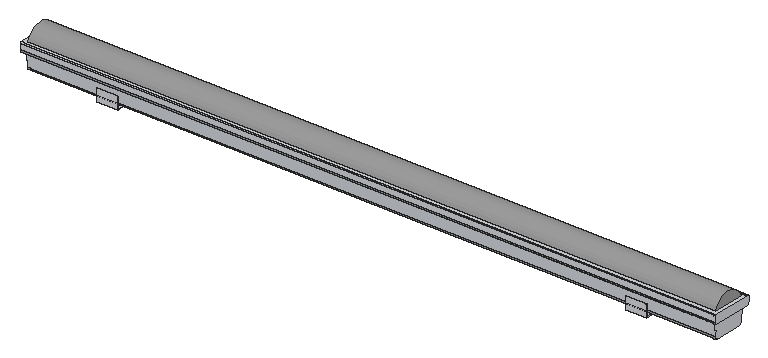
Revit family "Resisto", category Lighting Fixtures, host Face, Revit 2017 (continued)
Types (60, lengths in mm): name | Weight | Wattage | TypeName | built-in parameter 1150134 | Photometric Web File | PowerFactor | PowerConsumption | NominalLength | Name | ModelReference | ModelNumber | Model | LuminousEfficacy | built-in parameter 1150105 | Lumens | LampNominalLuminous | LampMacAdamStep | LampColourTemperature | LENGHT_SYL | LENGHT_CHAMFER_SYL | LENGHT-_SYL | LENGHT-_CHAMFER_SYL | L0650_SYL | L1500_SYL | L1200_SYL | built-in parameter 1150107 | built-in parameter 1150106 | built-in parameter 1150104 | DocumentationLiterature | Description | BRACKET_WIDTH_SYL | BRACKET_DIST_SYL | Apparent Load
  0010215 RESISTO 1200 IP66 4800LM 840 QC | "1.61 kg" | 35 W | "Resisto  1200 IP66 4800lm 840 QC" | 12 | "0010215.ies" | 0.95 | "35 W" | 1212 | "Resisto  1200 IP66 4800lm 840 QC" | "Resisto  1200 IP66 4800lm 840 QC" | "0010215" | "Resisto  1200 IP66 4800lm 840 QC" | "137 lm/W" | 1583.6 (stored number, unit not read) | 4795 lm | "4800 lm" | "5" | "4000 K" | 592 | 600 | -592 | -600 | no | no | yes | 4000 (stored number, unit not read) | 15.836 (stored number, unit not read) | 12.728 (stored number, unit not read) | "http://www.sylvania-lighting.com/product/en-int/products/0010215" | "Resisto, integrated LED weatherproof luminaire, with UV stabilized flat diffuser designed to achieve uniform lit appearance, optimise light output and to reduce glare. 301 stainless steel diffuser clips and fixing brackets for surface mounting. Polycarbonate housing and diffuser - no yellow discolouration over time. 4800lm; 35W; 137lm/W; 4000K; SDCM<5; non dimmable; CRI80; IP66; IK08; Class I; 69,000hrs (L80B20) lifespan; 1200mm x 89mm x 88mm; D-mark; assembled with quick connector." | 400 | 444 | 35 VA
  0010214 RESISTO 1200 IP66 2800LM 840 QC | "1.57 kg" | 21 W | "Resisto  1200 IP66 2800lm 840 QC" | 12 | "0010214.ies" | 0.95 | "21 W" | 1212 | "Resisto  1200 IP66 2800lm 840 QC" | "Resisto  1200 IP66 2800lm 840 QC" | "0010214" | "Resisto  1200 IP66 2800lm 840 QC" | "133 lm/W" | 917.95 (stored number, unit not read) | 2793 lm | "2800 lm" | "5" | "4000 K" | 592 | 600 | -592 | -600 | no | no | yes | 4000 (stored number, unit not read) | 9.1795 (stored number, unit not read) | 12.356 (stored number, unit not read) | "http://www.sylvania-lighting.com/product/en-int/products/0010214" | "Resisto, integrated LED weatherproof luminaire, with UV stabilized flat diffuser designed to achieve uniform lit appearance, optimise light output and to reduce glare. 301 stainless steel diffuser clips and fixing brackets for surface mounting. Polycarbonate housing and diffuser - no yellow discolouration over time. 2800lm; 21W; 133lm/W; 4000K; SDCM<5; non dimmable; CRI80; IP66; IK08; Class I; 69,000hrs (L80B20) lifespan; 1200mm x 89mm x 88mm; D-mark; assembled with quick connector." | 400 | 444 | 21 VA
  0010213 RESISTO 1200 IP66 4800LM 865 | "1.54 kg" | 35 W | "Resisto  1200 IP66 4800lm 865" | 1 | "0010213.ies" | 0.95 | "35 W" | 1200 | "Resisto  1200 IP66 4800lm 865" | "Resisto  1200 IP66 4800lm 865" | "0010213" | "Resisto  1200 IP66 4800lm 865" | "137 lm/W" | 1583.6 (stored number, unit not read) | 4795 lm | "4800 lm" | "5" | "6500 K" | 592 | 600 | -592 | -600 | no | no | yes | 6500 (stored number, unit not read) | 15.836 (stored number, unit not read) | 12.728 (stored number, unit not read) | "http://www.sylvania-lighting.com/product/en-int/products/0010213" | "Resisto, integrated LED weatherproof luminaire, with UV stabilized flat diffuser designed to achieve uniform lit appearance, optimise light output and to reduce glare. 301 stainless steel diffuser clips and fixing brackets for surface mounting. Polycarbonate housing and diffuser - no yellow discolouration over time. 4800lm; 35W; 137lm/W; 6500K; SDCM<5; non dimmable; CRI80; IP66; IK08; Class I; 69,000hrs (L80B20) lifespan; 1200mm x 89mm x 88mm; D-mark." | 400 | 444 | 35 VA
  0010212 RESISTO 1200 IP66 2800LM 865 | "1.5 kg" | 21 W | "Resisto  1200 IP66 2800lm 865" | 1 | "0010212.ies" | 0.95 | "21 W" | 1200 | "Resisto  1200 IP66 2800lm 865" | "Resisto  1200 IP66 2800lm 865" | "0010212" | "Resisto  1200 IP66 2800lm 865" | "133 lm/W" | 917.95 (stored number, unit not read) | 2793 lm | "2800 lm" | "5" | "6500 K" | 592 | 600 | -592 | -600 | no | no | yes | 6500 (stored number, unit not read) | 9.1795 (stored number, unit not read) | 12.356 (stored number, unit not read) | "http://www.sylvania-lighting.com/product/en-int/products/0010212" | "Resisto, integrated LED weatherproof luminaire, with UV stabilized flat diffuser designed to achieve uniform lit appearance, optimise light output and to reduce glare. 301 stainless steel diffuser clips and fixing brackets for surface mounting. Polycarbonate housing and diffuser - no yellow discolouration over time. 2800lm; 21W; 133lm/W; 6500K; SDCM<5; non dimmable; CRI80; IP66; IK08; Class I; 69,000hrs (L80B20) lifespan; 1200mm x 89mm x 88mm; D-mark." | 400 | 444 | 21 VA
  0010211 RESISTO 1200 IP66 4800LM 840 | "11.88 kg" | 35 W | "Resisto  1200 IP66 4800lm 840" | 12 | "0010211.ies" | 0.95 | "35.0 W" | 1200 | "Resisto  1200 IP66 4800lm 840" | "Resisto  1200 IP66 4800lm 840" | "0010211" | "Resisto  1200 IP66 4800lm 840" | "137 lm/W" | -7601417.6 (stored number, unit not read) | 4795 lm | "4800 lm" | "5" | "4000 K" | 592 | 600 | -592 | -600 | no | no | yes | 4000 (stored number, unit not read) | -76014.2 (stored number, unit not read) | 12.728 (stored number, unit not read) | "http://www.sylvania-lighting.com/product/en-int/products/0010211" | "Resisto, integrated LED weatherproof luminaire, with UV stabilized flat diffuser designed to achieve uniform lit appearance, optimise light output and to reduce glare. 301 stainless steel diffuser clips and fixing brackets for surface mounting. Polycarbonate housing and diffuser - no yellow discolouration over time. 4800lm; 35W; 137lm/W; 4000K; SDCM<5; non dimmable; CRI80; IP66; IK08; Class I; 69,000hrs (L80B20) lifespan; 1200mm x 89mm x 88mm; D-mark." | 400 | 444 | 35 VA
  0010210 RESISTO 1200 IP66 2800LM 840 | "11.88 kg" | 21 W | "Resisto  1200 IP66 2800lm 840" | 12 | "0010210.ies" | 0.95 | "21.0 W" | 1200 | "Resisto  1200 IP66 2800lm 840" | "Resisto  1200 IP66 2800lm 840" | "0010210" | "Resisto  1200 IP66 2800lm 840" | "133 lm/W" | -2570258.2 (stored number, unit not read) | 2793 lm | "2800 lm" | "5" | "4000 K" | 592 | 600 | -592 | -600 | no | no | yes | 4000 (stored number, unit not read) | -25702.6 (stored number, unit not read) | 12.356 (stored number, unit not read) | "http://www.sylvania-lighting.com/product/en-int/products/0010210" | "Resisto, integrated LED weatherproof luminaire, with UV stabilized flat diffuser designed to achieve uniform lit appearance, optimise light output and to reduce glare. 301 stainless steel diffuser clips and fixing brackets for surface mounting. Polycarbonate housing and diffuser - no yellow discolouration over time. 2800lm; 21W; 133lm/W; 4000K; SDCM<5; non dimmable; CRI80; IP66; IK08; Class I; 69,000hrs (L80B20) lifespan; 1200mm x 89mm x 88mm; D-mark." | 400 | 444 | 21 VA
  0010209 RESISTO 1200 IP66 4800LM 830 | "1.54 kg" | 35 W | "Resisto  1200 IP66 4800lm 830" | (empty or 0) | "0010209.ies" | 0.95 | "35 W" | 1200 | "Resisto  1200 IP66 4800lm 830" | "Resisto  1200 IP66 4800lm 830" | "0010209" | "Resisto  1200 IP66 4800lm 830" | "137 lm/W" | 1583.6 (stored number, unit not read) | 4795 lm | "4800 lm" | "5" | "3000 K" | 592 | 600 | -592 | -600 | no | no | yes | 3000 (stored number, unit not read) | 15.836 (stored number, unit not read) | 12.728 (stored number, unit not read) | "http://www.sylvania-lighting.com/product/en-int/products/0010209" | "Resisto, integrated LED weatherproof luminaire, with UV stabilized flat diffuser designed to achieve uniform lit appearance, optimise light output and to reduce glare. 301 stainless steel diffuser clips and fixing brackets for surface mounting. Polycarbonate housing and diffuser - no yellow discolouration over time. 4800lm; 35W; 137lm/W; 3000K; SDCM<5; non dimmable; CRI80; IP66; IK08; Class I; 69,000hrs (L80B20) lifespan; 1200mm x 89mm x 88mm; D-mark." | 400 | 444 | 35 VA
  0010208 RESISTO 1200 IP66 2800LM 830 | "1.5 kg" | 21 W | "Resisto  1200 IP66 2800lm 830" | (empty or 0) | "0010208.ies" | 0.95 | "21 W" | 1200 | "Resisto  1200 IP66 2800lm 830" | "Resisto  1200 IP66 2800lm 830" | "0010208" | "Resisto  1200 IP66 2800lm 830" | "133 lm/W" | 917.95 (stored number, unit not read) | 2793 lm | "2800 lm" | "5" | "3000 K" | 592 | 600 | -592 | -600 | no | no | yes | 3000 (stored number, unit not read) | 9.1795 (stored number, unit not read) | 12.356 (stored number, unit not read) | "http://www.sylvania-lighting.com/product/en-int/products/0010208" | "Resisto, integrated LED weatherproof luminaire, with UV stabilized flat diffuser designed to achieve uniform lit appearance, optimise light output and to reduce glare. 301 stainless steel diffuser clips and fixing brackets for surface mounting. Polycarbonate housing and diffuser - no yellow discolouration over time. 2800lm; 21W; 133lm/W; 3000K; SDCM<5; non dimmable; CRI80; IP66; IK08; Class I; 69,000hrs (L80B20) lifespan; 1200mm x 89mm x 88mm; D-mark." | 400 | 444 | 21 VA
  0010207 RESISTO 600 HE IP66 2500LM 840 | "0.96 kg" | 16 W | "Resisto  600 HE IP66 2500lm 840" | 12 | "0010207.ies" | 0.95 | "16 W" | 650 | "Resisto  600 HE IP66 2500lm 840" | "Resisto  600 HE IP66 2500lm 840" | "0010207" | "Resisto  600 HE IP66 2500lm 840" | "156 lm/W" | 829.02 (stored number, unit not read) | 2496 lm | "2500 lm" | "3" | "4000 K" | 317 | 325 | -317 | -325 | yes | no | no | 4000 (stored number, unit not read) | 8.2902 (stored number, unit not read) | 14.493 (stored number, unit not read) | "http://www.sylvania-lighting.com/product/en-int/products/0010207" | "Resisto, integrated LED weatherproof luminaire, with UV stabilized flat diffuser designed to achieve uniform lit appearance, optimise light output and to reduce glare. 301 stainless steel diffuser clips and fixing brackets for surface mounting. Polycarbonate housing and diffuser - no yellow discolouration over time. 2500lm; 16W; 156lm/W; 4000K; SDCM<3; non dimmable; CRI80; IP66; IK08; Class I; 69,000hrs (L80B20) lifespan; 650mm x 89mm x 88mm; D-mark." | 125 | 169 | 16 VA
  0010206 RESISTO 600 HE IP66 1400LM 840 | "0.88 kg" | 10 W | "Resisto  600 HE IP66 1400lm 840" | 12 | "0010206.ies" | 0.9 | "10 W" | 650 | "Resisto  600 HE IP66 1400lm 840" | "Resisto  600 HE IP66 1400lm 840" | "0010206" | "Resisto  600 HE IP66 1400lm 840" | "140 lm/W" | 479.25 (stored number, unit not read) | 1400 lm | "1400 lm" | "3" | "4000 K" | 317 | 325 | -317 | -325 | yes | no | no | 4000 (stored number, unit not read) | 4.7925 (stored number, unit not read) | 13.006 (stored number, unit not read) | "http://www.sylvania-lighting.com/product/en-int/products/0010206" | "Resisto, integrated LED weatherproof luminaire, with UV stabilized flat diffuser designed to achieve uniform lit appearance, optimise light output and to reduce glare. 301 stainless steel diffuser clips and fixing brackets for surface mounting. Polycarbonate housing and diffuser - no yellow discolouration over time. 1400lm; 10W; 140lm/W; 4000K; SDCM<3; non dimmable; CRI80; IP66; IK08; Class I; 69,000hrs (L80B20) lifespan; 650mm x 89mm x 88mm; D-mark." | 125 | 169 | 10 VA
  0010205 RESISTO 600 IP66 2500LM 865 | "0.88 kg" | 19 W | "Resisto  600 IP66 2500lm 865" | 1 | "0010205.ies" | 1 | "19 W" | 650 | "Resisto  600 IP66 2500lm 865" | "Resisto  600 IP66 2500lm 865" | "0010205" | "Resisto  600 IP66 2500lm 865" | "132 lm/W" | 833.01 (stored number, unit not read) | 2508 lm | "2500 lm" | "5" | "6500 K" | 317 | 325 | -317 | -325 | yes | no | no | 6500 (stored number, unit not read) | 8.3301 (stored number, unit not read) | 12.263 (stored number, unit not read) | "http://www.sylvania-lighting.com/product/en-int/products/0010205" | "Resisto, integrated LED weatherproof luminaire, with UV stabilized flat diffuser designed to achieve uniform lit appearance, optimise light output and to reduce glare. 301 stainless steel diffuser clips and fixing brackets for surface mounting. Polycarbonate housing and diffuser - no yellow discolouration over time. 2500lm; 19W; 132lm/W; 6500K; SDCM<5; non dimmable; CRI80; IP66; IK08; Class I; 69,000hrs (L80B20) lifespan; 650mm x 89mm x 88mm; D-mark." | 125 | 169 | 19 VA
  0010204 RESISTO 600 IP66 1600LM 865 | "0.88 kg" | 12 W | "Resisto  600 IP66 1600lm 865" | 1 | "0010204.ies" | 0.9 | "12 W" | 650 | "Resisto  600 IP66 1600lm 865" | "Resisto  600 IP66 1600lm 865" | "0010204" | "Resisto  600 IP66 1600lm 865" | "133 lm/W" | 546.34 (stored number, unit not read) | 1596 lm | "1600 lm" | "5" | "6500 K" | 317 | 325 | -317 | -325 | yes | no | no | 6500 (stored number, unit not read) | 5.4634 (stored number, unit not read) | 12.356 (stored number, unit not read) | "http://www.sylvania-lighting.com/product/en-int/products/0010204" | "Resisto, integrated LED weatherproof luminaire, with UV stabilized flat diffuser designed to achieve uniform lit appearance, optimise light output and to reduce glare. 301 stainless steel diffuser clips and fixing brackets for surface mounting. Polycarbonate housing and diffuser - no yellow discolouration over time. 1600lm; 12W; 133lm/W; 6500K; SDCM<5; non dimmable; CRI80; IP66; IK08; Class I; 69,000hrs (L80B20) lifespan; 650mm x 89mm x 88mm; D-mark." | 125 | 169 | 12 VA
  0010203 RESISTO 600 IP66 2500LM 840 | "10.2 kg" | 19 W | "Resisto  600 IP66 2500lm 840" | 12 | "0010203.ies" | 0.95 | "19.0 W" | 650 | "Resisto  600 IP66 2500lm 840" | "Resisto  600 IP66 2500lm 840" | "0010203" | "Resisto  600 IP66 2500lm 840" | "132 lm/W" | -2082492.7 (stored number, unit not read) | 2508 lm | "2500 lm" | "5" | "4000 K" | 317 | 325 | -317 | -325 | yes | no | no | 4000 (stored number, unit not read) | -20824.9 (stored number, unit not read) | 12.263 (stored number, unit not read) | "http://www.sylvania-lighting.com/product/en-int/products/0010203" | "Resisto, integrated LED weatherproof luminaire, with UV stabilized flat diffuser designed to achieve uniform lit appearance, optimise light output and to reduce glare. 301 stainless steel diffuser clips and fixing brackets for surface mounting. Polycarbonate housing and diffuser - no yellow discolouration over time. 2500lm; 19W; 132lm/W; 4000K; SDCM<5; non dimmable; CRI80; IP66; IK08; Class I; 69,000hrs (L80B20) lifespan; 650mm x 89mm x 88mm; D-mark." | 125 | 169 | 19 VA
  0010202 RESISTO 600 IP66 1600LM 840 | "10.2 kg" | 12 W | "Resisto  600 IP66 1600lm 840" | 12 | "0010202.ies" | 0.9 | "12.0 W" | 650 | "Resisto  600 IP66 1600lm 840" | "Resisto  600 IP66 1600lm 840" | "0010202" | "Resisto  600 IP66 1600lm 840" | "133 lm/W" | -874129.2 (stored number, unit not read) | 1596 lm | "1600 lm" | "5" | "4000 K" | 317 | 325 | -317 | -325 | yes | no | no | 4000 (stored number, unit not read) | -8741.3 (stored number, unit not read) | 12.356 (stored number, unit not read) | "http://www.sylvania-lighting.com/product/en-int/products/0010202" | "Resisto, integrated LED weatherproof luminaire, with UV stabilized flat diffuser designed to achieve uniform lit appearance, optimise light output and to reduce glare. 301 stainless steel diffuser clips and fixing brackets for surface mounting. Polycarbonate housing and diffuser - no yellow discolouration over time. 1600lm; 12W; 133lm/W; 4000K; SDCM<5; non dimmable; CRI80; IP66; IK08; Class I; 69,000hrs (L80B20) lifespan; 650mm x 89mm x 88mm; D-mark." | 125 | 169 | 12 VA
  0010279 RESISTO 1500 HE IP66 DALI 8300LM 840 | "2.01 kg" | 54 W | "Resisto 1500 HE IP66 DALI 8300lm 840" | 12 | "0010279.ies" | 0.99 | "54 W" | 1500 | "Resisto 1500 HE IP66 DALI 8300lm 840" | "Resisto 1500 HE IP66 DALI 8300lm 840" | "0010279" | "Resisto 1500 HE IP66 DALI 8300lm 840" | "154 lm/W" | 2773 (stored number, unit not read) | 8316 lm | "8300 lm" | "3" | "4000 K" | 742 | 750 | -742 | -750 | no | yes | no | 4000 (stored number, unit not read) | 27.73 (stored number, unit not read) | 14.307 (stored number, unit not read) | "http://www.sylvania-lighting.com/product/en-int/products/0010279" | "Resisto, integrated LED weatherproof luminaire, with UV stabilized flat diffuser designed to achieve uniform lit appearance, optimise light output and to reduce glare. 301 stainless steel diffuser clips and fixing brackets for surface mounting. Polycarbonate housing and diffuser - no yellow discolouration over time. 8300lm; 54W; 154lm/W; 4000K; SDCM<3; DALI dimmable; CRI80; IP66; IK08; Class I; 69,000hrs (L80B20) lifespan; 1500mm x 89mm x 88mm; D-mark." | 550 | 594 | 54 VA
